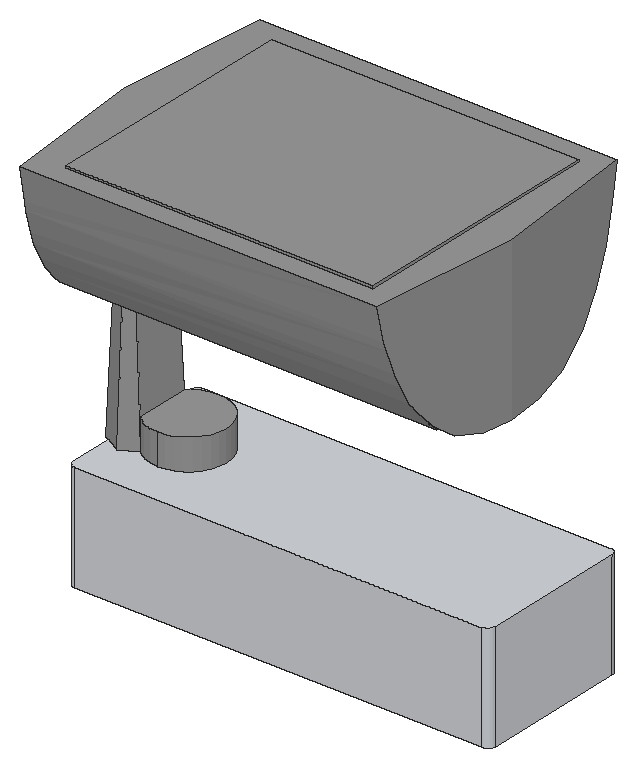
Revit family "Alcon-13129-Revit-Family", category Generic Models, host Face, Revit 2023
Family settings
  Host = Face
  Can host rebar = No
  Round Connector Dimension = Use Diameter
  Part Type = Normal
  Cut with Voids When Loaded = No
  Maintain Annotation Orientation = No
  Shared = No
  Room Calculation Point = No
Parameters
  URL = "https://www.alconlighting.com/"
  Product Page = "https://www.alconlighting.com/13129.html"
  Model = "13129"
  Manufacturer = "Alcon Ligthing"
  Default Elevation = 4' - 0"
  Arm Rotation = 90.00°
Reference planes (in)
  plane 1 "Center (Front/Back)": y = 0
  plane 2: z = 0
  plane 3 "Center (Left/Right)": x = 0
Forms (in)
  Extrusion 1, solid
    sketch origin (0, 0, 0) x (1, 0, 0) y (0, 1, 0)
      loop
        arc (3.3125, -1.3125) -> (3.40089, -1.27589) -> (3.4375, -1.1875) r 0.125
        line (3.4375, -1.1875) -> (3.4375, 1.1875)
        arc (3.4375, 1.1875) -> (3.40089, 1.27589) -> (3.3125, 1.3125) r 0.125
        line (3.3125, 1.3125) -> (-3.3125, 1.3125)
        arc (-3.3125, 1.3125) -> (-3.40089, 1.27589) -> (-3.4375, 1.1875) r 0.125
        line (-3.4375, 1.1875) -> (-3.4375, -1.1875)
        arc (-3.4375, -1.1875) -> (-3.40089, -1.27589) -> (-3.3125, -1.3125) r 0.125
        line (-3.3125, -1.3125) -> (3.3125, -1.3125)
    from 0 to 1.75
Lines and regions (in)
  reference lines
    curve 1: line (-2.5205, -3.75, 1.75) -> (-2.5205, 4, 1.75)
Dimensions and locks (in)
  "Arm Rotation": angle nested 1 to curve 1
  aligned and locked: plane 2 to host face
  aligned and locked: level to host face
Automatic sketch dimensions
  host sketch curve to host sketch curve = 8' - 0"  (x2)
  Extrusion 1 sketch curve to plane 1 "Center (Front/Back)" = 0' - 1 3/16"  (x2)
  Extrusion 1 sketch curve to plane 3 "Center (Left/Right)" = 0' - 3 7/16"
  Extrusion 1 sketch curve to Extrusion 1 sketch curve = 0' - 0 1/8"  (x3)
  plane 3 "Center (Left/Right)" to Extrusion 1 sketch curve = 0' - 3 5/16"
  plane 1 "Center (Front/Back)" to Extrusion 1 sketch curve = 0' - 1 3/16"
  curve 1 to curve 1 = 0' - 7 3/4"
Nested families (in)
  nested 1: "Alcon-13129-Housing-Arm-Revit-Family" at (-2.5205, 0, 1.75) x (0, -1, 0) z (0, 0, 1), type "Alcon-13129-Housing-Arm-Revit-Family"
    with built-in parameter 1001306 0.1875 (stored number, unit not read)
  nested 2: "Alcon-13129-Housing-Revit-Family" at (3.41637, 0, 5.608) x (0, 0, -1) z (-1, 0, 0), type "Alcon-13129-Housing-Revit-Family"
    with built-in parameter 1001306 0.27083 (stored number, unit not read)
Definition of nested family "Alcon-13129-Housing-Arm-Revit-Family"
  Parameters (values of type "Alcon-13129-Housing-Arm-Revit-Family")
    built-in parameter 1001306 [instance] = 4' - 0"
    Housing Rotation = 90.00°
    Housing = none
    Default Elevation = 0' - 0"
  Reference planes (in)
    plane 1 "Center (Front/Back)": y = 0
    plane 2: z = 0
    plane 3 "Left": x = 0
    plane 4 "Right": x = 48
  Forms (in)
    Extrusion 1, solid, material <- "Housing"
      sketch origin (0, 0, 0) x (1, 0, 0) y (0, 1, 0)
        loop
          circle (0, 0) r 0.625
      from 0 to 0.5
    SweptBlend 2, solid, material <- "Housing"
      path origin (0, -1.42057, 0) x (0, 0, -1) y (0, -1, 0)
        loop
          line (0, -0.75) -> (-4.05261, -0.75)
      profile origin (0, -0.67057, 0) x (0, 1, 0) y (-1, 0, 0)
        loop
          line (0.26395, -0.4611) -> (0.26395, 0.4611) -> (0, 0.61349) -> (-0.32492, 0.42589) -> (-0.32492, -0.42589) -> (0, -0.61349) -> (0.26395, -0.4611)
      end profile origin (0, -0.67057, 4.05261) x (0, 1, 0) y (-1, 0, 0)
        loop
          line (0, 0.42022) -> (-0.19775, 0.30605) -> (-0.19775, -0.30605) -> (0, -0.42022) -> (0.06341, -0.38361) -> (0.06341, 0.38361) -> (0, 0.42022)
  Lines and regions (in)
    reference lines
      curve 1: line (0, 0, 0) -> (48, 0, 0)
      curve 3: line (6.85504, 0, 3.858) -> (-7.25, 0, 3.858)
    model lines
      curve 2: line (0, 0, 0) -> (0, 12, 0)
  Dimensions and locks (in)
    "built-in parameter 1001306": plane 3 "Left" to plane 4 "Right"
    "Housing Rotation": angle curve 3 to nested 1
    aligned and locked: plane 4 "Right" to curve 1
    aligned and locked: plane 1 "Center (Front/Back)" to curve 1
    aligned and locked: plane 3 "Left" to curve 1
    aligned and locked: level to plane 2
  Automatic sketch dimensions
    plane 1 "Center (Front/Back)" to Extrusion 1 sketch curve = 0' - 0"
    Extrusion 1 sketch curve to plane 3 "Left" = 0' - 0"
    profile plane to SweptBlend 2 sketch curve = 0' - 0"  (x4)
    profile plane to SweptBlend 2 sketch curve = 0' - 0.32492"
    SweptBlend 2 sketch curve to profile plane = 0' - 0.26395"
    SweptBlend 2 sketch curve to profile plane = 0' - 0.61349"
    SweptBlend 2 sketch curve to SweptBlend 2 sketch curve = 0' - 0.15239"  (x2)
    SweptBlend 2 sketch curve to SweptBlend 2 sketch curve = 0' - 0.18759"
    profile plane to SweptBlend 2 sketch curve = 0' - 0.42589"
    profile plane to SweptBlend 2 sketch curve = 0' - 0.4611"
    curve 2 to plane 3 "Left" = 0' - 0"
    plane 1 "Center (Front/Back)" to curve 2 = 0' - 0"
    curve 2 to curve 2 = 1' - 0"
    level to curve 3 = 0' - 3.858"
    curve 3 to plane 3 "Left" = 0' - 7 1/4"
    plane 3 "Left" to curve 3 = 0' - 6.85504"
    SweptBlend 2 sketch curve to level = 0' - 0"
    plane 1 "Center (Front/Back)" to SweptBlend 2 sketch curve = 0' - 0.67057"
    level to SweptBlend 2 sketch curve = 0' - 4.05261"
    profile plane to SweptBlend 2 sketch curve = 0' - 0.19775"
    SweptBlend 2 sketch curve to profile plane = 0' - 0.06341"
    SweptBlend 2 sketch curve to profile plane = 0' - 0.42022"
    SweptBlend 2 sketch curve to SweptBlend 2 sketch curve = 0' - 0.03661"  (x2)
    SweptBlend 2 sketch curve to SweptBlend 2 sketch curve = 0' - 0.11417"
    profile plane to SweptBlend 2 sketch curve = 0' - 0.30605"
    SweptBlend 2 sketch curve to SweptBlend 2 sketch curve = 0' - 0.07756"
    radius of Extrusion 1 sketch curve = 0' - 0 5/8"
  Nested families (in)
    nested 1: "Alcon-13129-Housing-Revit-Family" at (0, 5.93687, 3.858) x (0, 0, -1) z (0, -1, 0), type "Alcon-13129-Housing-Revit-Family"
      with built-in parameter 1001306 0' - 3 1/4"
  Definition of nested family "Alcon-13129-Housing-Revit-Family"
    Parameters (values of type "Alcon-13129-Housing-Revit-Family")
      Wattage = 9.2903 W
      built-in parameter 1150110 = 1 (stored number, unit not read)
      Tranlucent Lens = none
      built-in parameter 1114217 = 1 (stored number, unit not read)
      Tilt Angle = 90.00°
      built-in parameter 1150109 = 1 (stored number, unit not read)
      built-in parameter 1150134 = 3
      built-in parameter 1150113 = 1 (stored number, unit not read)
      Photometric Web File = "Alcon-13129-IES.ies"
      built-in parameter 1150105 = 109.82 (stored number, unit not read)
      Lumens = 1380 lm
      built-in parameter 1150115 = 1 (stored number, unit not read)
      built-in parameter 1150137 = (empty or 0)
      built-in parameter 1150139 = (empty or 0)
      built-in parameter 1001306 [instance] = 4' - 0"
      built-in parameter 1150112 = 1 (stored number, unit not read)
      built-in parameter 1150114 = 1 (stored number, unit not read)
      built-in parameter 1150132 = 2
      built-in parameter 1150102 = (empty or 0)
      built-in parameter 1150107 = 3200 (stored number, unit not read)
      built-in parameter 1150138 = (empty or 0)
      built-in parameter 1150106 = 1.0982 (stored number, unit not read)
      Housing = none
      Emit from Rectangle Width = 0' - 4 25/128"
      Emit from Rectangle Length = 0' - 5"
      Emit Shape Visible in Rendering = yes
      built-in parameter 1150104 = 13.8 (stored number, unit not read)
      Dimming Lamp Color Temperature Shift = (empty or 0)
      Default Elevation = 0' - 0"
      Color Filter = 16777215
      built-in parameter 1114218 = 1 (stored number, unit not read)
      built-in parameter 1150133 = 10 (stored number, unit not read)
    Reference planes (in)
      plane 1 "Center (Front/Back)": y = 0
      plane 2: z = 0
      plane 3 "Left": x = 0
      plane 4 "Right": x = 48
    Forms (in)
      Extrusion 1, solid, material <- "Housing"
        sketch origin (-1.62534, 0.82498, 0) x (0, 1, 0) y (-1, 0, 0)
          loop
            spline (0, -2.625) -> (0.32325, -2.61747) -> (0.62466, -2.57153) -> (0.90423, -2.48719) -> (1.16196, -2.36445) -> (1.39785, -2.20331) -> (1.61189, -2.00376) -> (1.8041, -1.76581) -> (1.97446, -1.48945) -> (2.12298, -1.17469) -> (2.24966, -0.82153) -> (2.3545, -0.42997) -> (2.4375, 0)
            line (2.4375, 0) -> (-2.4375, 0)
            spline (-2.4375, 0) -> (-2.3545, -0.42997) -> (-2.24966, -0.82153) -> (-2.12298, -1.17469) -> (-1.97446, -1.48945) -> (-1.8041, -1.76581) -> (-1.61189, -2.00376) -> (-1.39785, -2.20331) -> (-1.16196, -2.36445) -> (-0.90423, -2.48719) -> (-0.62466, -2.57153) -> (-0.32325, -2.61747) -> (0, -2.625)
        from 0 to 6.3125
      Extrusion 2, void
        sketch origin (-1.62534, 0.82498, 0) x (0, 1, 0) y (0, 0, 1)
          loop
            arc (-2.4375, 6.0625) -> (0, 6.3125) -> (2.4375, 6.0625) r 12.00781
            line (2.4375, 6.0625) -> (2.4375, 6.33782) -> (-2.4375, 6.33782) -> (-2.4375, 6.0625)
          loop
            line (-2.4375, 0.25) -> (-2.4375, -0.02532) -> (2.4375, -0.02532) -> (2.4375, 0.25)
            arc (2.4375, 0.25) -> (0, 0) -> (-2.4375, 0.25) r 12.00781
        from 0 to 2.70325
      Blend 3, void
        base sketch origin (-1.62534, -1.61252, 0) x (0, -1, 0) y (0, 0, -1)
          loop
            line (-4.53613, -5.58605) -> (-0.33887, -5.58605) -> (-0.33887, -0.58605) -> (-4.53613, -0.58605) -> (-4.53613, -5.58605)
        top sketch origin (-1.62534, -1.61252, 0) x (0, -1, 0) y (0, 0, -1)
          loop
            line (-3.78613, -1.33605) -> (-3.78613, -4.83605) -> (-1.08887, -4.83605) -> (-1.08887, -1.33605) -> (-3.78613, -1.33605)
        from 0 to 1.87534
      Extrusion 4, solid, material <- "Tranlucent Lens"
        sketch origin (-1.62534, -1.61252, 0) x (0, 1, 0) y (0, 0, -1)
          loop
            line (0.33887, -5.58605) -> (4.53613, -5.58605) -> (4.53613, -0.58605) -> (0.33887, -0.58605) -> (0.33887, -5.58605)
        from 0 to 0.03874
      Extrusion 5, solid, material <- "Housing"
        sketch origin (0, 0.98043, 5.93037) x (-1, 0, 0) y (0, -1, 0)
          loop
            circle (0, 0.98043) r 0.64266
        from 0 to 0.87482
    Cuts and joins
      Extrusion 2, Blend 3 cuts Extrusion 1
    Lines and regions (in)
      reference lines
        curve 1: line (0, 0, 0) -> (48, 0, 0)
        curve 3: line (0.98043, 0, 5.93037) -> (-1.26957, 0, 5.93037)
      model lines
        curve 2: line (0, 0, 6.80519) -> (-24.75, 0, 6.80519)
    Dimensions and locks (in)
      "built-in parameter 1001306": plane 3 "Left" to plane 4 "Right"
      aligned and locked: plane 4 "Right" to curve 1
      aligned and locked: plane 1 "Center (Front/Back)" to curve 1
      aligned and locked: plane 3 "Left" to curve 1
      aligned and locked: level to plane 2
    Automatic sketch dimensions
      Extrusion 1 sketch curve to plane 3 "Left" = 0' - 1.62534"
      Extrusion 1 sketch curve to plane 1 "Center (Front/Back)" = 0' - 0.82498"
      plane 1 "Center (Front/Back)" to Extrusion 1 sketch curve = 0' - 1.61252"
      Extrusion 1 sketch curve to plane 1 "Center (Front/Back)" = 0' - 3.26248"
      plane 3 "Left" to Extrusion 1 sketch curve = 0' - 0.99966"
      Extrusion 2 sketch curve to plane 1 "Center (Front/Back)" = 0' - 0.82498"  (x2)
      level to Extrusion 2 sketch curve = 0' - 0 1/4"
      plane 1 "Center (Front/Back)" to Extrusion 2 sketch curve = 0' - 1.61252"  (x2)
      Extrusion 2 sketch curve to plane 1 "Center (Front/Back)" = 0' - 3.26248"  (x2)
      Extrusion 2 sketch curve to level = 0' - 0.02532"
      Extrusion 2 sketch curve to level = 0' - 5 89/128"
      Extrusion 2 sketch curve to Extrusion 2 sketch curve = 0' - 5 13/16"
      Extrusion 2 sketch curve to Extrusion 2 sketch curve = 0' - 0.27532"
      Extrusion 2 sketch curve to Extrusion 2 sketch curve = 0' - 5.66999"
      Blend 3 sketch curve to Extrusion 1 = 0' - 0.33887"  (x2)
      Blend 3 sketch curve to Extrusion 1 = 0' - 0.72645"
      Blend 3 sketch curve to Extrusion 1 = 0' - 0.58605"
      Blend 3 sketch curve to Extrusion 1 = 0' - 1.08887"  (x2)
      Blend 3 sketch curve to Extrusion 1 = 0' - 1.47645"
      Blend 3 sketch curve to Extrusion 1 = 0' - 1.33605"
      Extrusion 1 to Extrusion 4 sketch curve = 0' - 0.33887"  (x2)
      Extrusion 1 to Extrusion 4 sketch curve = 0' - 0.72645"
      Extrusion 1 to Extrusion 4 sketch curve = 0' - 0.58605"
      curve 3 to plane 3 "Left" = 0' - 1.26957"
      level to curve 3 = 0' - 5.93037"
      plane 3 "Left" to curve 3 = 0' - 0.98043"
      Extrusion 5 sketch curve to curve 3 = 0' - 0"
      curve 3 to Extrusion 5 sketch curve = 0' - 0.98043"
      curve 2 to curve 2 = 2' - 0 3/4"
      radius of Extrusion 5 sketch curve = 0' - 0.64266"
Definition of nested family "Alcon-13129-Housing-Revit-Family"
  Parameters (values of type "Alcon-13129-Housing-Revit-Family")
    Wattage = 9.2903 W
    built-in parameter 1150110 = 1 (stored number, unit not read)
    Tranlucent Lens = none
    built-in parameter 1114217 = 1 (stored number, unit not read)
    Tilt Angle = 90.00°
    built-in parameter 1150109 = 1 (stored number, unit not read)
    built-in parameter 1150134 = 3
    built-in parameter 1150113 = 1 (stored number, unit not read)
    Photometric Web File = "Alcon-13129-IES.ies"
    built-in parameter 1150105 = 109.82 (stored number, unit not read)
    Lumens = 1380 lm
    built-in parameter 1150115 = 1 (stored number, unit not read)
    built-in parameter 1150137 = (empty or 0)
    built-in parameter 1150139 = (empty or 0)
    built-in parameter 1001306 [instance] = 4' - 0"
    built-in parameter 1150112 = 1 (stored number, unit not read)
    built-in parameter 1150114 = 1 (stored number, unit not read)
    built-in parameter 1150132 = 2
    built-in parameter 1150102 = (empty or 0)
    built-in parameter 1150107 = 3200 (stored number, unit not read)
    built-in parameter 1150138 = (empty or 0)
    built-in parameter 1150106 = 1.0982 (stored number, unit not read)
    Housing = none
    Emit from Rectangle Width = 0' - 4 25/128"
    Emit from Rectangle Length = 0' - 5"
    Emit Shape Visible in Rendering = yes
    built-in parameter 1150104 = 13.8 (stored number, unit not read)
    Dimming Lamp Color Temperature Shift = (empty or 0)
    Default Elevation = 0' - 0"
    Color Filter = 16777215
    built-in parameter 1114218 = 1 (stored number, unit not read)
    built-in parameter 1150133 = 10 (stored number, unit not read)
  Reference planes (in)
    plane 1 "Center (Front/Back)": y = 0
    plane 2: z = 0
    plane 3 "Left": x = 0
    plane 4 "Right": x = 48
  Forms (in)
    Extrusion 1, solid, material <- "Housing"
      sketch origin (-1.62534, 0.82498, 0) x (0, 1, 0) y (-1, 0, 0)
        loop
          spline (0, -2.625) -> (0.32325, -2.61747) -> (0.62466, -2.57153) -> (0.90423, -2.48719) -> (1.16196, -2.36445) -> (1.39785, -2.20331) -> (1.61189, -2.00376) -> (1.8041, -1.76581) -> (1.97446, -1.48945) -> (2.12298, -1.17469) -> (2.24966, -0.82153) -> (2.3545, -0.42997) -> (2.4375, 0)
          line (2.4375, 0) -> (-2.4375, 0)
          spline (-2.4375, 0) -> (-2.3545, -0.42997) -> (-2.24966, -0.82153) -> (-2.12298, -1.17469) -> (-1.97446, -1.48945) -> (-1.8041, -1.76581) -> (-1.61189, -2.00376) -> (-1.39785, -2.20331) -> (-1.16196, -2.36445) -> (-0.90423, -2.48719) -> (-0.62466, -2.57153) -> (-0.32325, -2.61747) -> (0, -2.625)
      from 0 to 6.3125
    Extrusion 2, void
      sketch origin (-1.62534, 0.82498, 0) x (0, 1, 0) y (0, 0, 1)
        loop
          arc (-2.4375, 6.0625) -> (0, 6.3125) -> (2.4375, 6.0625) r 12.00781
          line (2.4375, 6.0625) -> (2.4375, 6.33782) -> (-2.4375, 6.33782) -> (-2.4375, 6.0625)
        loop
          line (-2.4375, 0.25) -> (-2.4375, -0.02532) -> (2.4375, -0.02532) -> (2.4375, 0.25)
          arc (2.4375, 0.25) -> (0, 0) -> (-2.4375, 0.25) r 12.00781
      from 0 to 2.70325
    Blend 3, void
      base sketch origin (-1.62534, -1.61252, 0) x (0, -1, 0) y (0, 0, -1)
        loop
          line (-4.53613, -5.58605) -> (-0.33887, -5.58605) -> (-0.33887, -0.58605) -> (-4.53613, -0.58605) -> (-4.53613, -5.58605)
      top sketch origin (-1.62534, -1.61252, 0) x (0, -1, 0) y (0, 0, -1)
        loop
          line (-3.78613, -1.33605) -> (-3.78613, -4.83605) -> (-1.08887, -4.83605) -> (-1.08887, -1.33605) -> (-3.78613, -1.33605)
      from 0 to 1.87534
    Extrusion 4, solid, material <- "Tranlucent Lens"
      sketch origin (-1.62534, -1.61252, 0) x (0, 1, 0) y (0, 0, -1)
        loop
          line (0.33887, -5.58605) -> (4.53613, -5.58605) -> (4.53613, -0.58605) -> (0.33887, -0.58605) -> (0.33887, -5.58605)
      from 0 to 0.03874
    Extrusion 5, solid, material <- "Housing"
      sketch origin (0, 0.98043, 5.93037) x (-1, 0, 0) y (0, -1, 0)
        loop
          circle (0, 0.98043) r 0.64266
      from 0 to 0.87482
  Cuts and joins
    Extrusion 2, Blend 3 cuts Extrusion 1
  Lines and regions (in)
    reference lines
      curve 1: line (0, 0, 0) -> (48, 0, 0)
      curve 3: line (0.98043, 0, 5.93037) -> (-1.26957, 0, 5.93037)
    model lines
      curve 2: line (0, 0, 6.80519) -> (-24.75, 0, 6.80519)
  Dimensions and locks (in)
    "built-in parameter 1001306": plane 3 "Left" to plane 4 "Right"
    aligned and locked: plane 4 "Right" to curve 1
    aligned and locked: plane 1 "Center (Front/Back)" to curve 1
    aligned and locked: plane 3 "Left" to curve 1
    aligned and locked: level to plane 2
  Automatic sketch dimensions
    Extrusion 1 sketch curve to plane 3 "Left" = 0' - 1.62534"
    Extrusion 1 sketch curve to plane 1 "Center (Front/Back)" = 0' - 0.82498"
    plane 1 "Center (Front/Back)" to Extrusion 1 sketch curve = 0' - 1.61252"
    Extrusion 1 sketch curve to plane 1 "Center (Front/Back)" = 0' - 3.26248"
    plane 3 "Left" to Extrusion 1 sketch curve = 0' - 0.99966"
    Extrusion 2 sketch curve to plane 1 "Center (Front/Back)" = 0' - 0.82498"  (x2)
    level to Extrusion 2 sketch curve = 0' - 0 1/4"
    plane 1 "Center (Front/Back)" to Extrusion 2 sketch curve = 0' - 1.61252"  (x2)
    Extrusion 2 sketch curve to plane 1 "Center (Front/Back)" = 0' - 3.26248"  (x2)
    Extrusion 2 sketch curve to level = 0' - 0.02532"
    Extrusion 2 sketch curve to level = 0' - 5 89/128"
    Extrusion 2 sketch curve to Extrusion 2 sketch curve = 0' - 5 13/16"
    Extrusion 2 sketch curve to Extrusion 2 sketch curve = 0' - 0.27532"
    Extrusion 2 sketch curve to Extrusion 2 sketch curve = 0' - 5.66999"
    Blend 3 sketch curve to Extrusion 1 = 0' - 0.33887"  (x2)
    Blend 3 sketch curve to Extrusion 1 = 0' - 0.72645"
    Blend 3 sketch curve to Extrusion 1 = 0' - 0.58605"
    Blend 3 sketch curve to Extrusion 1 = 0' - 1.08887"  (x2)
    Blend 3 sketch curve to Extrusion 1 = 0' - 1.47645"
    Blend 3 sketch curve to Extrusion 1 = 0' - 1.33605"
    Extrusion 1 to Extrusion 4 sketch curve = 0' - 0.33887"  (x2)
    Extrusion 1 to Extrusion 4 sketch curve = 0' - 0.72645"
    Extrusion 1 to Extrusion 4 sketch curve = 0' - 0.58605"
    curve 3 to plane 3 "Left" = 0' - 1.26957"
    level to curve 3 = 0' - 5.93037"
    plane 3 "Left" to curve 3 = 0' - 0.98043"
    Extrusion 5 sketch curve to curve 3 = 0' - 0"
    curve 3 to Extrusion 5 sketch curve = 0' - 0.98043"
    curve 2 to curve 2 = 2' - 0 3/4"
    radius of Extrusion 5 sketch curve = 0' - 0.64266"
